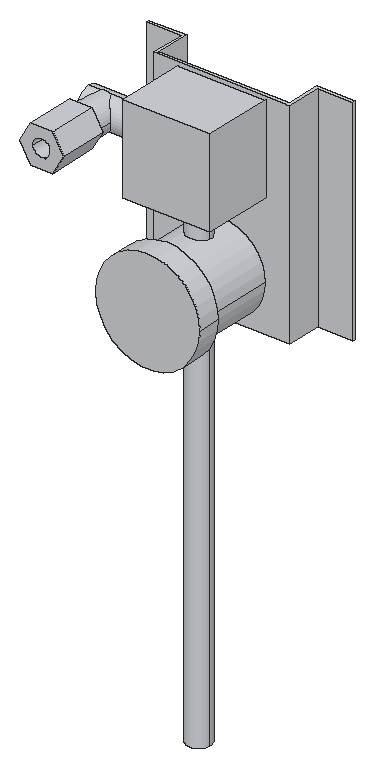
Revit family "PML1", category Plumbing Fixtures, Revit 2015
Parameters
  URL = "https://www.willoughby-ind.com/wp-content/uploads/2018/09/PML1-PSL1.pdf"
  Revision = "A"
  Model = "PML1"
  Manufacturer = "Willoughby Industries"
  Description = "Pnuematic Single Temp. Valve, 6\" Flexhose, Mixing valve"
  Contact Info. = "(800) 428-4065"
  Connector Type = "1/2\" F.I.P. / 1/2\" M.I.P"
Reference planes (in)
  plane 1 "Center (Front/Back)": y = 0
  plane 2: z = 0
  plane 3 "Center (Left/Right)": x = 0
Forms (in)
  Extrusion 1, solid
    sketch origin (-111.8125, -11.72052, 20.35802) x (0, -1, 0) y (1, 0, 0)
      loop
        line (0, 109.5875) -> (0.0625, 109.5875) -> (0.0625, 110.3375) -> (0.8125, 110.3375) -> (0.8125, 113.2875) -> (0.0625, 113.2875) -> (0.0625, 114.0375) -> (0, 114.0375) -> (0, 113.225) -> (0.75, 113.225) -> (0.75, 110.4) -> (0, 110.4) -> (0, 109.5875)
    from -4.625 to 0
  Extrusion 2, solid
    sketch origin (110.1875, -11.72052, 20.35802) x (-1, 0, 0) y (0, 0, -1)
      loop
        circle (110.1875, 3.625) r 0.9375
      loop
        line (111.1375, 1.029) -> (111.1375, 1.979) -> (109.2375, 1.979) -> (109.2375, 0.079) -> (111.1375, 0.079) -> (111.1375, 1.029)
    from 0.8125 to 2.3125
  Extrusion 3, solid
    sketch origin (-3.625, -11.72052, 20.35802) x (1, 0, 0) y (0, 0, 1)
      loop
        circle (1.625, -1) r 0.357
    from 1.45703 to 2.125
  Extrusion 4, solid
    sketch origin (0, -11.72052, 20.35802) x (0, 0, 1) y (0, -1, 0)
      loop
        circle (-1, 1.45703) r 0.333
    from -2.35799 to -0.95
  Extrusion 5, solid
    sketch origin (-1.625, -11.72052, 20.35802) x (0, -1, 0) y (1, 0, 0)
      loop
        circle (1.4375, 1.625) r 0.25
    from -0.95312 to -12.5625
  Extrusion 6, solid
    sketch origin (-2, -11.72052, 20.35802) x (1, 0, 0) y (0, 0, 1)
      loop
        line (0.23455, -1.40625) -> (0.4691, -1) -> (0.23455, -0.59375) -> (-0.23455, -0.59375) -> (-0.4691, -1) -> (-0.23455, -1.40625) -> (0.23455, -1.40625)
    from 2.125 to 3.1875
  Extrusion 7, void
    sketch origin (-2, -11.72052, 20.35802) x (1, 0, 0) y (0, 0, 1)
      loop
        circle (0, -1) r 0.1875
    from 2.6875 to 3.1875
  Extrusion 8, solid
    sketch origin (-1.625, -11.72052, 20.35802) x (1, 0, 0) y (0, 0, 1)
      loop
        circle (1.625, -3.625) r 1.12
    from 2.8125 to 2.3125
Cuts and joins
  Extrusion 7 cuts Extrusion 1
  Extrusion 7 cuts Extrusion 3
  Extrusion 7 cuts Extrusion 4
  Extrusion 7 cuts Extrusion 6
Dimensions and locks (in)
  aligned and locked: level to plane 2
Connectors (in)
  piping at (0, -13.15802, 7.79552), diameter 0.5
    settings: on Extrusion 5, index 1, connector inside diameter 24", connector length 0' - 0", flow factor 0, pipe flow 0 GPM, pressure drop 0.00 psi, fitting loss kfactor 0, connector angle 0.00°, fixture units 0, engagement length 0' - 0", angle of deflection 0.00°, flow configuration 0, flow direction 0, fitting loss method 0, system type 7, joint type 0, gender type 0, connector reference index -1, connector utility 0, adjustable connector no, is connector primary yes, connector description ""
